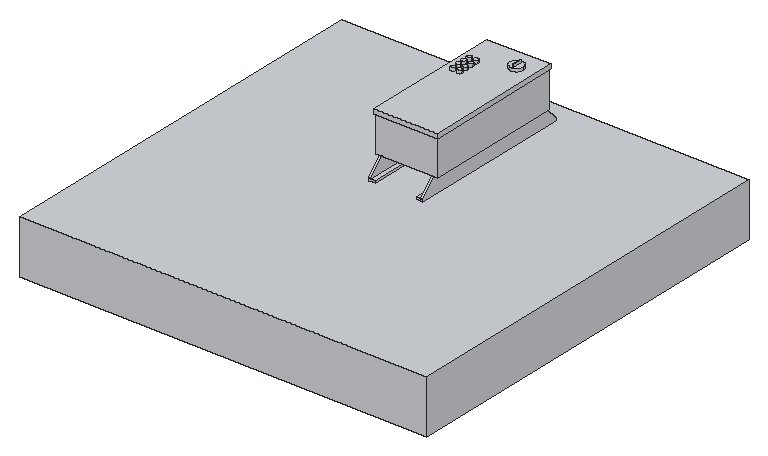
Revit family "M_Unidade AC de frequência variável", category Equipamento elétrico, Revit 2019
Family settings
  Hospedeiro = Face
  Configuração do painel = Duas colunas, circuitos transversais
  Cota do conector redondo = Utilizar diâmetro
  Tipo de parte = Painel de controle
  Número OmniClass = 23.80.10.17.37
  Título OmniClass = Variable Frequency Controllers
  ID de item do Seek = Variable Frequency AC Drive-0000-CAN-ENU
  Corte com vazios quando carregada = Não
  Compartilhado = Não
  Ponto de cálculo do ambiente = Não
Parameters (values of type "1-5.6 kW")
  Material do botão = none
  Material da luz piloto = none
  Número de pólos = 3
  Classificação de carga = Outros
  Comprimento de meia unidade = 1 / 2 * Comprimento da unidade  # 180 mm
  Largura da unidade = 350 mm
  Comprimento da unidade = 360 mm
  Altura da unidade = 800 mm
  Voltagem do controlador de unidade = 460 V
  Elevação-padrão = 1200 mm
  Material da chave de desligamento do disjuntor = none
  Material do armário = none
  Carga aparente C = 0 VA
  Carga aparente B = 0 VA
  Carga aparente A = 0 VA
Types (5, lengths in mm): name | Comprimento de meia unidade | Largura da unidade | Comprimento da unidade | Altura da unidade
  (no name) | 180 | 350 | 360 | 800
  1-5.6 kW | 180 | 350 | 360 | 800
  7.4-14.9 kW | 250 | 350 | 500 | 960
  18.7-37.3 kW | 250 | 350 | 500 | 1170
  44.8-74.6 kW | 317.5 | 349.3 | 635 | 1524
Reference planes
  plane 1 "Centro (Frente/Trás)": y = 0
  plane 2: z = 0
  plane 3 "Centro (Esquerda/Direita)": x = 0
  plane 4: x = -180
  plane 5: x = 180
  plane 6: y = 69.85
  plane 7: y = 869.85
  plane 8: z = 350
  plane 9: z = 324.6
  plane 10: z = 299.2
  plane 11: y = 863.5
  plane 12: x = -173.65
  plane 13: x = 173.65
  plane 14: y = 76.2
  plane 15: z = 95.25
  plane 16: x = 154.6
  plane 17: x = 116.5
  plane 18: x = -154.6
  plane 19: x = -116.5
  plane 20: z = 12.7
  plane 21: x = 141.9
  plane 22: x = -141.9
  plane 23: x = -129.2
  plane 24: x = -91.1
  plane 25: y = 679.35
  plane 26: y = 565.05
  plane 27: y = 641.25
  plane 28: y = 603.15
  plane 29: z = 337.3
  plane 30: x = 78.4
  plane 31: y = 755.55
  plane 32: x = 75.225
  plane 33: x = 81.575
  plane 34: y = 780.95
  plane 35: y = 730.15
  plane 36: z = 146.05
  plane 37: y = 939.7
Forms (mm)
  Extrusion 1, solid
    sketch origin (0, 0, 0) x (1, 0, 0) y (0, 1, 0)
      loop
        line (-1151.55, 1054) -> (-1151.55, -1219.2) -> (1151.55, -1219.2) -> (1151.55, 1054) -> (-1151.55, 1054)
    from 0 to -304.8
  Extrusion 2, solid, material <- "Material do armário", detail levels fine
    sketch origin (0, 0, 0) x (1, 0, 0) y (0, 1, 0)
      loop
        line (-180, 869.85) -> (-180, 69.85) -> (180, 69.85) -> (180, 869.85) -> (-180, 869.85)
    from 299.2 to 324.6
  Extrusion 3, solid, material <- "Material do armário", detail levels fine
    sketch origin (0, 0, 0) x (1, 0, 0) y (0, 1, 0)
      loop
        line (-173.65, 863.5) -> (-173.65, 76.2) -> (173.65, 76.2) -> (173.65, 863.5) -> (-173.65, 863.5)
    from 95.25 to 299.2
  Extrusion 4, solid, material <- "Material do armário", detail levels fine
    sketch origin (0, 0, 0) x (1, 0, 0) y (0, 1, 0)
      loop
        line (-154.6, 939.7) -> (-154.6, 0) -> (-116.5, 0) -> (-116.5, 939.7) -> (-154.6, 939.7)
    from 0 to 12.7
  Extrusion 5, solid, material <- "Material do armário", detail levels fine
    sketch origin (0, 0, 0) x (1, 0, 0) y (0, 1, 0)
      loop
        line (116.5, 939.7) -> (116.5, 0) -> (154.6, 0) -> (154.6, 939.7) -> (116.5, 939.7)
    from 0 to 12.7
  Extrusion 6, solid, material <- "Material do armário", detail levels fine
    sketch origin (0, 0, 0) x (0, 1, 0) y (0, 0, 1)
      loop
        line (863.5, 95.25) -> (76.2, 95.25) -> (0, 12.7) -> (939.7, 12.7) -> (863.5, 95.25)
    from 141.9 to 154.6
  Extrusion 7, solid, material <- "Material do armário", detail levels fine
    sketch origin (0, 0, 0) x (0, 1, 0) y (0, 0, 1)
      loop
        line (863.5, 95.25) -> (76.2, 95.25) -> (0, 12.7) -> (939.7, 12.7) -> (863.5, 95.25)
    from -154.6 to -141.9
  Extrusion 8, solid, material <- "Material da luz piloto", detail levels fine
    sketch origin (0, 0, 0) x (1, 0, 0) y (0, 1, 0)
      loop
        circle (-129.2, 679.35) r 12.7
      loop
        circle (-129.2, 641.25) r 12.7
      loop
        circle (-129.2, 603.15) r 12.7
      loop
        circle (-129.2, 565.05) r 12.7
    from 324.6 to 337.3
  Extrusion 9, solid, material <- "Material da chave de desligamento do disjuntor", detail levels fine
    sketch origin (0, 0, 0) x (1, 0, 0) y (0, 1, 0)
      loop
        circle (78.4, 755.55) r 38.1
    from 324.6 to 337.3
  Extrusion 10, solid, material <- "Material da chave de desligamento do disjuntor", detail levels fine
    sketch origin (0, 0, 0) x (1, 0, 0) y (0, 1, 0)
      loop
        line (75.225, 780.95) -> (75.225, 730.15) -> (81.575, 730.15) -> (81.575, 780.95) -> (75.225, 780.95)
    from 337.3 to 350
  Extrusion 11, solid, material <- "Material do botão", detail levels fine
    sketch origin (38.1, 0, 0) x (1, 0, 0) y (0, 1, 0)
      loop
        circle (-129.2, 679.35) r 12.7
      loop
        circle (-129.2, 641.25) r 12.7
      loop
        circle (-129.2, 603.15) r 12.7
      loop
        circle (-129.2, 565.05) r 12.7
    from 323.85 to 336.55
  Extrusion 12, solid, material <- "Material do armário", detail levels coarse+medium
    sketch origin (0, 0, 0) x (1, 0, 0) y (0, 0, 1)
      loop
        line (180, 324.6) -> (-180, 324.6) -> (-180, 0) -> (180, 0) -> (180, 324.6)
    from -869.85 to -69.85
  Extrusion 13, solid, material <- "Material do armário", detail levels fine
    sketch origin (0, 0, 0) x (1, 0, 0) y (0, 0, 1)
      loop
        circle (0, 146.05) r 15.04
    from -863.5 to -679.35
Cuts and joins
  joined: Extrusion 5, Extrusion 6
  joined: Extrusion 4, Extrusion 7
  joined: Extrusion 9, Extrusion 10
  joined: Extrusion 2, Extrusion 3, Extrusion 13
Dimensions and locks
  locked: plane 6 to plane 1 "Centro (Frente/Trás)" at 69.85
  "Altura da unidade": plane 6 to plane 7
  "Largura da unidade": plane 2 to plane 8
  locked: plane 9 to plane 8 at 25.4
  locked: plane 10 to plane 9 at 25.4
  locked: plane 11 to plane 7 at 6.35
  locked: plane 14 to plane 6 at 6.35
  locked: plane 13 to plane 5 at 6.35
  locked: plane 4 to plane 12 at 6.35
  locked: plane 2 to plane 15 at 95.25
  locked: plane 5 to plane 16 at 25.4
  locked: plane 17 to plane 16 at 38.1
  locked: plane 4 to plane 18 at 25.4
  locked: plane 18 to plane 19 at 38.1
  locked: plane 2 to plane 20 at 12.7
  locked: plane 21 to plane 16 at 12.7
  locked: plane 18 to plane 22 at 12.7
  locked: plane 4 to plane 23 at 50.8
  locked: plane 4 to plane 24 at 88.9
  locked: plane 25 to plane 7 at 190.5
  locked: plane 26 to plane 7 at 304.8
  locked: plane 25 to plane 27 at 38.1
  locked: plane 28 to plane 26 at 38.1
  locked: plane 9 to plane 29 at 12.7
  locked: plane 30 to plane 5 at 101.6
  locked: plane 7 to plane 31 at 114.3
  plane 32 to plane 30 to plane 33 = 3.175 mm locked, 3.175 mm locked
  plane 35 to plane 31 to plane 34 = 25.4 mm locked, 25.4 mm locked
  locked: plane 15 to plane 36 at 50.8
  locked: plane 37 to plane 7 at 69.85
  "Comprimento de meia unidade": plane 4 to plane 3 "Centro (Esquerda/Direita)"
  "Comprimento de meia unidade": plane 3 "Centro (Esquerda/Direita)" to plane 5
  radius of Extrusion 8 sketch curve = 12.7 mm  (x4)
  radius of Extrusion 9 sketch curve = 38.1 mm
  radius of Extrusion 11 sketch curve = 12.7 mm  (x4)
  radius of Extrusion 13 sketch curve = 15.04 mm
  aligned and locked: plane 2 to Extrusion 1
  aligned and locked: level to Extrusion 1
  aligned and locked: plane 4 to Extrusion 2 sketch curve
  aligned and locked: plane 7 to Extrusion 2 sketch curve
  aligned and locked: plane 6 to Extrusion 2 sketch curve
  aligned and locked: Extrusion 2 sketch curve to plane 5
  aligned and locked: Extrusion 2 to plane 9
  aligned and locked: Extrusion 2 to plane 10
  aligned and locked: plane 12 to Extrusion 3 sketch curve
  aligned and locked: plane 11 to Extrusion 3 sketch curve
  aligned and locked: plane 14 to Extrusion 3 sketch curve
  aligned and locked: plane 13 to Extrusion 3 sketch curve
  aligned and locked: plane 10 to Extrusion 3
  aligned and locked: Extrusion 3 to plane 15
  aligned and locked: plane 18 to Extrusion 4 sketch curve
  aligned and locked: plane 1 "Centro (Frente/Trás)" to Extrusion 4 sketch curve
  aligned and locked: plane 19 to Extrusion 4 sketch curve
  aligned and locked: plane 17 to Extrusion 5 sketch curve
  aligned and locked: plane 1 "Centro (Frente/Trás)" to Extrusion 5 sketch curve
  aligned and locked: plane 16 to Extrusion 5 sketch curve
  aligned and locked: Extrusion 4 to plane 2
  aligned and locked: Extrusion 5 to plane 2
  aligned and locked: plane 20 to Extrusion 5
  aligned and locked: plane 20 to Extrusion 4
  aligned and locked: Extrusion 6 sketch curve to plane 15
  aligned and locked: plane 11 to Extrusion 6 sketch curve
  aligned and locked: plane 14 to Extrusion 6 sketch curve
  aligned and locked: Extrusion 6 sketch curve to Extrusion 5
  aligned and locked: Extrusion 6 to plane 16
  aligned and locked: plane 21 to Extrusion 6
  aligned and locked: Extrusion 7 sketch curve to Extrusion 6
  aligned and locked: Extrusion 3 to Extrusion 7 sketch curve
  aligned and locked: plane 14 to Extrusion 7 sketch curve
  aligned and locked: Extrusion 7 sketch curve to Extrusion 4
  aligned and locked: plane 1 "Centro (Frente/Trás)" to Extrusion 7 sketch curve
  aligned and locked: plane 1 "Centro (Frente/Trás)" to Extrusion 6 sketch curve
  aligned and locked: plane 18 to Extrusion 7
  aligned and locked: Extrusion 7 to plane 22
  aligned and locked: plane 23 to Extrusion 8 sketch curve  (x4)
  aligned and locked: plane 25 to Extrusion 8 sketch curve
  aligned and locked: plane 27 to Extrusion 8 sketch curve
  aligned and locked: plane 28 to Extrusion 8 sketch curve
  aligned and locked: plane 26 to Extrusion 8 sketch curve
  aligned and locked: plane 29 to Extrusion 8
  aligned and locked: plane 9 to Extrusion 8
  aligned and locked: plane 31 to Extrusion 9 sketch curve
  aligned and locked: plane 30 to Extrusion 9 sketch curve
  aligned and locked: Extrusion 10 sketch curve to plane 32
  aligned and locked: Extrusion 10 sketch curve to plane 34
  aligned and locked: plane 35 to Extrusion 10 sketch curve
  aligned and locked: plane 33 to Extrusion 10 sketch curve
  aligned and locked: plane 29 to Extrusion 9
  aligned and locked: plane 9 to Extrusion 9
  aligned and locked: Extrusion 10 to plane 8
  aligned and locked: Extrusion 10 to plane 29
  aligned and locked: plane 25 to Extrusion 11 sketch curve
  aligned and locked: plane 24 to Extrusion 11 sketch curve  (x4)
  aligned and locked: plane 27 to Extrusion 11 sketch curve
  aligned and locked: plane 28 to Extrusion 11 sketch curve
  aligned and locked: plane 26 to Extrusion 11 sketch curve
  aligned and locked: plane 37 to cut or joined group of Extrusion 4, Extrusion 7
  aligned and locked: plane 37 to cut or joined group of Extrusion 5, Extrusion 6
  aligned and locked: plane 37 to Extrusion 7 sketch curve
  aligned and locked: plane 37 to Extrusion 6 sketch curve
  aligned and locked: plane 5 to Extrusion 12 sketch curve
  aligned and locked: level to Extrusion 12 sketch curve
  aligned and locked: Extrusion 12 sketch curve to plane 4
  aligned and locked: Extrusion 12 to plane 7
  aligned and locked: Extrusion 12 to plane 6
  aligned and locked: Extrusion 12 sketch curve to plane 9
  aligned and locked: plane 36 to Extrusion 13 sketch curve
  aligned and locked: plane 3 "Centro (Esquerda/Direita)" to Extrusion 13 sketch curve
  aligned and locked: Extrusion 13 to plane 11
  aligned and locked: plane 25 to cut or joined group of Extrusion 2, Extrusion 3, Extrusion 13
Automatic sketch dimensions
  Extrusion 10 sketch curve to plane 33 = 0 mm
  Extrusion 4 sketch curve to plane 34 = 158.75 mm
  Extrusion 5 sketch curve to plane 34 = 158.75 mm
  Extrusion 1 sketch curve to Extrusion 1 sketch curve = 2303.1 mm
  Extrusion 1 sketch curve to Extrusion 1 sketch curve = 2273.2 mm
Connectors
  electrical at (0, 863.5, 146.05), driven by "Número de pólos", driven by "Carga aparente C", driven by "Carga aparente B", driven by "Carga aparente A", driven by "Voltagem do controlador de unidade", driven by "Classificação de carga"
    settings: on Extrusion 13, index 1, voltage 460 V, apparent load 0 VA, apparent load phase1 0 VA, apparent load phase2 0 VA, apparent load phase3 0 VA, power factor 1, load classification "Outros", number of poles 3, system type 31, power factor state 1, is connector primary yes, connector utility no, sub classification motor no, connector description ""
  cabletrayconduit at (0, 863.5, 197.225), diameter 600
    settings: on cut or joined group of Extrusion 2, Extrusion 3, Extrusion 13, index 2, connector width 300 mm, connector height 300 mm, connector angle 0.00°, system type 32, placement type 1, profile type 0, connector reference index -1, is primary connector yes, connector utility param no, connector description ""
  cabletrayconduit at (-173.65, 469.85, 197.225), diameter 600
    settings: on cut or joined group of Extrusion 2, Extrusion 3, Extrusion 13, index 3, connector width 300 mm, connector height 300 mm, connector angle 0.00°, system type 32, placement type 1, profile type 0, connector reference index -1, is primary connector no, connector utility param no, connector description ""
  cabletrayconduit at (173.65, 469.85, 197.225), diameter 600
    settings: on cut or joined group of Extrusion 2, Extrusion 3, Extrusion 13, index 4, connector width 300 mm, connector height 300 mm, connector angle 0.00°, system type 32, placement type 1, profile type 0, connector reference index -1, is primary connector no, connector utility param no, connector description ""
  cabletrayconduit at (0, 469.85, 95.25), diameter 600
    settings: on cut or joined group of Extrusion 2, Extrusion 3, Extrusion 13, index 5, connector width 300 mm, connector height 300 mm, connector angle 0.00°, system type 32, placement type 1, profile type 0, connector reference index -1, is primary connector no, connector utility param no, connector description ""
  cabletrayconduit at (0, 76.2, 197.225), diameter 600
    settings: on cut or joined group of Extrusion 2, Extrusion 3, Extrusion 13, index 6, connector width 300 mm, connector height 300 mm, connector angle 0.00°, system type 32, placement type 1, profile type 0, connector reference index -1, is primary connector no, connector utility param no, connector description ""
